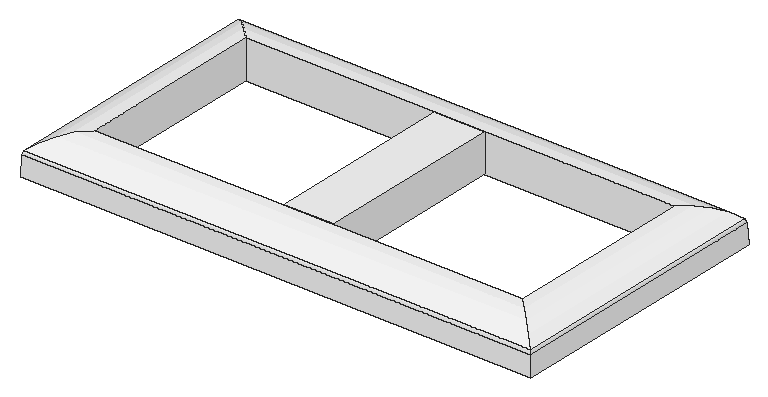
Revit family "Gira_021201", category Electrical Fixtures, host Face, Revit 2017
Family settings
  Host = Face
  Maintain Annotation Orientation = No
  Round Connector Dimension = Use Diameter
  Part Type = Normal
  Cut with Voids When Loaded = No
  Shared = No
  Room Calculation Point = No
Parameters (values of type "Abdeckrahmen 2f Standard 55 Cremeweiß")
  Werkstoffgüte = "Thermoplast"
  Werkstoff = "Kunststoff"
  URL = "http://katalog.gira.de/de_DE/datenblatt.html?artikelnr=021201"
  Transparent = "No"
  Textfeld/Beschriftungsfläche = "No"
  Schutzart (IP) = "IP20"
  Region = "DE"
  RAL-Nummer (ähnlich) = "1013 "
  Oberfläche = "sonstige"
  Name = "Abdeckrahmen 2f Standard 55 Cremeweiß"
  Montagerichtung = "horizontal und vertikal"
  Mit Montagerahmen = "No"
  Mit Klappdeckel = "No"
  Manufacturer URL = "https://www.gira.de/"
  Keynote = "Std55_Rahmen_2fach"
  HeinzeBIM = "https://bimportal.heinze.de/bim/abdeckrahmen-2f-standard-55-cremeweiss/bd7ff4c28b1fb1f41e85ef106f035fd42c55edf1"
  Halogenfrei = "Yes"
  HAN = "021201"
  Geeignet für Unterputz-Installation = "Yes"
  Geeignet für Unterflurkanaldose = "No"
  Geeignet für Geräteeinbaukanal = "No"
  Geeignet für Einbauinstallation = "No"
  GTIN = "4010337212010"
  Farbe = "cremeweiß (elektroweiß)"
  Default Elevation = 1219.2 mm
  Data sheet (1) = "https://katalog.gira.de/de_DE/download.html?artikelnr=021201"
  Category = "Abdeckrahmen"
  Befestigungsart = "Klemmbefestigung"
  Available = "Yes"
  Ausführung der Oberfläche = "glänzend"
  Anzahl der Einheiten vertikal = "2 "
  Anzahl der Einheiten horizontal = "2 "
  Anzahl der Einheiten = "2 "
Reference planes
  plane 1 "Center (Front/Back)": y = 0
  plane 2: z = 0
  plane 3 "Center (Left/Right)": x = 0
  plane 4: y = -75.9
  plane 5: y = 75.9
  plane 6: x = -40.3
  plane 7: x = 40.3
  plane 8: y = -7.4
  plane 9: y = 7.4
Forms (mm)
  Sweep 1, solid, material "White", detail levels fine
    path origin (0, 0, 0) x (0, -1, 0) y (1, 0, 0)
      loop
        line (40.3, 75.9) -> (-40.3, 75.9) -> (-40.3, -75.9) -> (40.3, -75.9) -> (40.3, 75.9)
    profile origin (75.9, 0, 0) x (-1, 0, 0) y (0, 0, 1)
      loop
        arc (12.22, 11.373) -> (5.983, 10.294) -> (0.641, 6.901) r 16.145
        arc (0.641, 6.901) -> (0.395, 6.426) -> (0.309, 5.898) r 1.694
        line (0.309, 5.898) -> (0, 0) -> (12.319, 0) -> (12.22, 11.373)
  Extrusion 2, solid, material "White", detail levels coarse+medium
    sketch origin (0, 0, 0) x (0, -1, 0) y (1, 0, 0)
      loop
        line (40.3, 75.9) -> (-40.3, 75.9) -> (-40.3, -75.9) -> (40.3, -75.9) -> (40.3, 75.9)
    from 0 to 11.373
  Extrusion 3, solid, material "White", detail levels fine
    sketch origin (0, 0, 0) x (1, 0, 0) y (0, 0, 1)
      loop
        line (7.4, 0) -> (7.4, 11.373) -> (-7.4, 11.373) -> (-7.4, 0) -> (7.4, 0)
    from -28.08 to 28.08
Dimensions and locks
  aligned and locked: plane 2 to host face
  aligned and locked: level to host face
